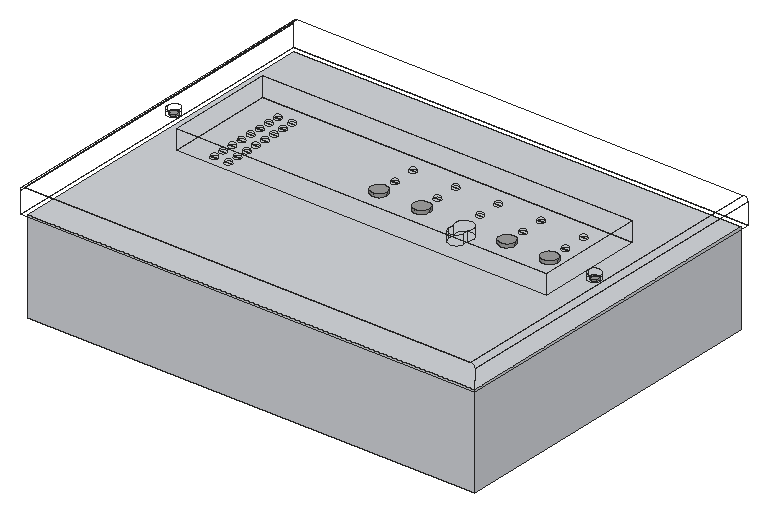
Revit family "Maxlogic  Conventionnelle Panneau d'Alarme Incendie petite caisse", category Fire Alarm Devices, host Face, Revit 2021
Family settings
  Host = Face
  Maintain Annotation Orientation = Yes
  Round Connector Dimension = Use Diameter
  Part Type = Normal
  OmniClass Number = 23.85.30.21
  OmniClass Title = Environmental Detection/Registration
  Cut with Voids When Loaded = No
  Shared = No
  Room Calculation Point = No
Parameters (values of type "Maxlogic Panneau Contrôle d'Incendie Conventionnelle, 8 Zone")
  Poids = "3450 gr"
  Boîtier de montage en surface étanche = ""
  Unité de durée de garantie = "Ans"
  Durée de la garantie réservé = "2"
  Durée de la garantie Travail = "2"
  Version = ""
  URL = "https://www.mavili.com.tr/"
  Socle montage de Surlévé = ""
  Numéro de pose des travaux publics = ""
  protection de Classe = "IP 30"
  Code de Produit = "ML-2228"
  Numèro de Téléphone = "(+)90 216 466 45 05"
  Voltage de fonctionnement (default) = ""
  voltage fonction d'opération = ""
  Tempèrature de Fonctionnement = "(-5°C) - (+40°C)"
  Largeur Nominale = "90 mm"
  Longeur Nominale = "320 mm"
  Hauteur Nominale = "240 mm"
  Surface de Montage = "Montage à Mur"
  Hauteur de Montage = ""
  Model = "Maxlogic"
  Manufacturer = "Mavili Elektronik Ticaret A.Ş."
  Manuel d'installation = "https://mavilielektronik.com/Revit/ML222X_FR.pdf"
  Sortie d'indicateur = ""
  Numèro de Fax = "(+)90 216 466 45 10"
  Alimentation d'externe = "220 V AC"
  E-Poste = "mavili@mavili.com.tr"
  Avertissement = ""
  Charger adresse d'appareil = ""
  Description = "Panneau Contrôle d'Incendie Conventionnelle, 8 Zone"
  Default Elevation = 0 mm
  Current de Consommation = ""
  Coût Unité = ""
  Cost = 0
  Socles Compatible = ""
  Couleur = "Blanc"
  Code de  Performance = "EN 54-2 / EN 54-4"
  Matériel Principe = "Mètale Grise"
  Deuxime Matèriel = "Plastique Blanche ABS"
  Batterie = "2 X (12V DC 2,1 Ah )"
  Adresse ligne 1 = "Şerifali Mahallesi Kutup Sokak No:27/1-2-4 Ümraniye TR-34775 İSTANBUL"
  4 led = yes
  2 led = yes
Types (4, lengths in mm): name | Code de Produit | Description | 4 led | 2 led
  (no name) | "ML-2228" | "Panneau Contrôle d'Incendie Conventionnelle, 8 Zone" | yes | yes
  Maxlogic Panneau Contrôle d'Incendie Conventionnelle, 2 Zone | "ML-2222" | "Panneau Contrôle d'Incendie Conventionnelle, 2 Zone" | no | no
  Maxlogic Panneau Contrôle d'Incendie Conventionnelle, 4 Zone | "ML-2224" | "Panneau Contrôle d'Incendie Conventionnelle, 4 Zone" | no | yes
  Maxlogic Panneau Contrôle d'Incendie Conventionnelle, 8 Zone | "ML-2228" | "Panneau Contrôle d'Incendie Conventionnelle, 8 Zone" | yes | yes
Reference planes
  plane 1 "Center (Front/Back)": y = 0
  plane 2: z = 0
  plane 3 "Center (Left/Right)": x = 0
Forms (mm)
  Extrusion 1, solid
    sketch origin (-157, 122, 0) x (0, 0, 1) y (0, 1, 0)
      loop
        line (65, -234) -> (65, 0) -> (0, 0) -> (0, -234) -> (65, -234)
    from -314 to 0
  Extrusion 2, solid, material "Mavili elektronik 1.renk"
    sketch origin (0, -113, -1508.98) x (0, 0, 1) y (1, 0, 0)
      loop
        line (1573.98, 160) -> (1573.98, -160) -> (1589.247, -160)
        arc (1589.247, -160) -> (1591.318, -159.184) -> (1592.276, -157.175) r 3.037
        arc (1592.276, -157.175) -> (1600.022, 0) -> (1592.276, 157.175) r 1598.503
        arc (1592.276, 157.175) -> (1591.318, 159.184) -> (1589.247, 160) r 3.037
        line (1589.247, 160) -> (1573.98, 160)
    from -2 to 238
  Extrusion 3, void
    sketch origin (160, -113.521, 62.996) x (0, 0, -1) y (0, -1, 0)
      loop
        line (-21.622, -174.473) -> (-21.622, -98.521) -> (-30.016, -98.521) -> (-30.016, -174.473) -> (-21.622, -174.473)
    from 30 to 290
  Extrusion 4, void
    sketch origin (160, 64.059, 84.618) x (1, 0, 0) y (0, -1, 0)
      loop
        line (-290, 79.059) -> (-290, 3.107) -> (-30, 3.107) -> (-30, 79.059) -> (-290, 79.059)
    from 12.691 to -8.393
  Revolve 5, solid, material "Glass"
    sketch origin (120.882, -201.005, 71.927) x (1, 0, 0) y (0, 1, 0)
      loop
        line (-227.382, 249) -> (-232.382, 249)
        arc (-232.382, 249) -> (-229.882, 246.5) -> (-227.382, 249) r 2.5
      axis (-232.382, 249) -> (-227.382, 249)
    angle from 0 to -180
  Revolve 6, solid, material "Glass"
    sketch origin (130.882, -201.005, 71.927) x (1, 0, 0) y (0, 1, 0)
      loop
        line (-227.382, 249) -> (-232.382, 249)
        arc (-232.382, 249) -> (-229.882, 246.5) -> (-227.382, 249) r 2.5
      axis (-232.382, 249) -> (-227.382, 249)
    angle from 0 to -180
  Revolve 7, solid, material "Glass", visible <- "2 led"
    sketch origin (120.882, -217.005, 71.927) x (1, 0, 0) y (0, 1, 0)
      loop
        line (-227.382, 249) -> (-232.382, 249)
        arc (-232.382, 249) -> (-229.882, 246.5) -> (-227.382, 249) r 2.5
      axis (-232.382, 249) -> (-227.382, 249)
    angle from 0 to -180
  Revolve 8, solid, material "Glass", visible <- "2 led"
    sketch origin (130.882, -217.005, 71.927) x (1, 0, 0) y (0, 1, 0)
      loop
        line (-227.382, 249) -> (-232.382, 249)
        arc (-232.382, 249) -> (-229.882, 246.5) -> (-227.382, 249) r 2.5
      axis (-232.382, 249) -> (-227.382, 249)
    angle from 0 to -180
  Revolve 9, solid, material "Glass", visible <- "2 led"
    sketch origin (120.882, -225.005, 71.927) x (1, 0, 0) y (0, 1, 0)
      loop
        line (-227.382, 249) -> (-232.382, 249)
        arc (-232.382, 249) -> (-229.882, 246.5) -> (-227.382, 249) r 2.5
      axis (-232.382, 249) -> (-227.382, 249)
    angle from 0 to -180
  Revolve 10, solid, material "Glass", visible <- "2 led"
    sketch origin (130.882, -225.005, 71.927) x (1, 0, 0) y (0, 1, 0)
      loop
        line (-227.382, 249) -> (-232.382, 249)
        arc (-232.382, 249) -> (-229.882, 246.5) -> (-227.382, 249) r 2.5
      axis (-232.382, 249) -> (-227.382, 249)
    angle from 0 to -180
  Revolve 11, solid, material "Glass", visible <- "4 led"
    sketch origin (120.882, -232.995, 71.927) x (1, 0, 0) y (0, 1, 0)
      loop
        line (-227.382, 249) -> (-232.382, 249)
        arc (-232.382, 249) -> (-229.882, 246.5) -> (-227.382, 249) r 2.5
      axis (-232.382, 249) -> (-227.382, 249)
    angle from 0 to -180
  Revolve 12, solid, material "Glass", visible <- "4 led"
    sketch origin (130.882, -232.995, 71.927) x (1, 0, 0) y (0, 1, 0)
      loop
        line (-227.382, 249) -> (-232.382, 249)
        arc (-232.382, 249) -> (-229.882, 246.5) -> (-227.382, 249) r 2.5
      axis (-232.382, 249) -> (-227.382, 249)
    angle from 0 to -180
  Revolve 13, solid, material "Glass", visible <- "4 led"
    sketch origin (120.882, -240.995, 71.927) x (1, 0, 0) y (0, 1, 0)
      loop
        line (-227.382, 249) -> (-232.382, 249)
        arc (-232.382, 249) -> (-229.882, 246.5) -> (-227.382, 249) r 2.5
      axis (-232.382, 249) -> (-227.382, 249)
    angle from 0 to -180
  Revolve 14, solid, material "Glass", visible <- "4 led"
    sketch origin (130.882, -240.995, 71.927) x (1, 0, 0) y (0, 1, 0)
      loop
        line (-227.382, 249) -> (-232.382, 249)
        arc (-232.382, 249) -> (-229.882, 246.5) -> (-227.382, 249) r 2.5
      axis (-232.382, 249) -> (-227.382, 249)
    angle from 0 to -180
  Revolve 15, solid, material "Glass", visible <- "4 led"
    sketch origin (120.882, -249.005, 71.927) x (1, 0, 0) y (0, 1, 0)
      loop
        line (-227.382, 249) -> (-232.382, 249)
        arc (-232.382, 249) -> (-229.882, 246.5) -> (-227.382, 249) r 2.5
      axis (-232.382, 249) -> (-227.382, 249)
    angle from 0 to -180
  Revolve 16, solid, material "Glass", visible <- "4 led"
    sketch origin (130.882, -249.005, 71.927) x (1, 0, 0) y (0, 1, 0)
      loop
        line (-227.382, 249) -> (-232.382, 249)
        arc (-232.382, 249) -> (-229.882, 246.5) -> (-227.382, 249) r 2.5
      axis (-232.382, 249) -> (-227.382, 249)
    angle from 0 to -180
  Revolve 17, solid, material "Glass", visible <- "4 led"
    sketch origin (120.882, -256.995, 71.927) x (1, 0, 0) y (0, 1, 0)
      loop
        line (-227.382, 249) -> (-232.382, 249)
        arc (-232.382, 249) -> (-229.882, 246.5) -> (-227.382, 249) r 2.5
      axis (-232.382, 249) -> (-227.382, 249)
    angle from 0 to -180
  Revolve 18, solid, material "Glass", visible <- "4 led"
    sketch origin (130.882, -256.995, 71.927) x (1, 0, 0) y (0, 1, 0)
      loop
        line (-227.382, 249) -> (-232.382, 249)
        arc (-232.382, 249) -> (-229.882, 246.5) -> (-227.382, 249) r 2.5
      axis (-232.382, 249) -> (-227.382, 249)
    angle from 0 to -180
  Revolve 19, solid, material "Glass"
    sketch origin (215.882, -201.005, 71.927) x (1, 0, 0) y (0, 1, 0)
      loop
        line (-227.382, 249) -> (-232.382, 249)
        arc (-232.382, 249) -> (-229.882, 246.5) -> (-227.382, 249) r 2.5
      axis (-232.382, 249) -> (-227.382, 249)
    angle from 0 to -180
  Revolve 20, solid, material "Glass"
    sketch origin (215.882, -216.995, 71.927) x (1, 0, 0) y (0, 1, 0)
      loop
        line (-227.382, 249) -> (-232.382, 249)
        arc (-232.382, 249) -> (-229.882, 246.5) -> (-227.382, 249) r 2.5
      axis (-232.382, 249) -> (-227.382, 249)
    angle from 0 to -180
  Revolve 21, solid, material "Glass"
    sketch origin (245.882, -201, 71.927) x (1, 0, 0) y (0, 1, 0)
      loop
        line (-227.382, 249) -> (-232.382, 249)
        arc (-232.382, 249) -> (-229.882, 246.5) -> (-227.382, 249) r 2.5
      axis (-232.382, 249) -> (-227.382, 249)
    angle from 0 to -180
  Revolve 22, solid, material "Glass"
    sketch origin (245.882, -217, 71.927) x (1, 0, 0) y (0, 1, 0)
      loop
        line (-227.382, 249) -> (-232.382, 249)
        arc (-232.382, 249) -> (-229.882, 246.5) -> (-227.382, 249) r 2.5
      axis (-232.382, 249) -> (-227.382, 249)
    angle from 0 to -180
  Revolve 23, solid, material "Glass"
    sketch origin (275.882, -201, 71.927) x (1, 0, 0) y (0, 1, 0)
      loop
        line (-227.382, 249) -> (-232.382, 249)
        arc (-232.382, 249) -> (-229.882, 246.5) -> (-227.382, 249) r 2.5
      axis (-232.382, 249) -> (-227.382, 249)
    angle from 0 to -180
  Revolve 24, solid, material "Glass"
    sketch origin (275.882, -217, 71.927) x (1, 0, 0) y (0, 1, 0)
      loop
        line (-227.382, 249) -> (-232.382, 249)
        arc (-232.382, 249) -> (-229.882, 246.5) -> (-227.382, 249) r 2.5
      axis (-232.382, 249) -> (-227.382, 249)
    angle from 0 to -180
  Revolve 25, solid, material "Glass"
    sketch origin (305.882, -201, 71.927) x (1, 0, 0) y (0, 1, 0)
      loop
        line (-227.382, 249) -> (-232.382, 249)
        arc (-232.382, 249) -> (-229.882, 246.5) -> (-227.382, 249) r 2.5
      axis (-232.382, 249) -> (-227.382, 249)
    angle from 0 to -180
  Revolve 26, solid, material "Glass"
    sketch origin (305.882, -217, 71.927) x (1, 0, 0) y (0, 1, 0)
      loop
        line (-227.382, 249) -> (-232.382, 249)
        arc (-232.382, 249) -> (-229.882, 246.5) -> (-227.382, 249) r 2.5
      axis (-232.382, 249) -> (-227.382, 249)
    angle from 0 to -180
  Revolve 27, solid, material "Glass"
    sketch origin (335.882, -201, 71.927) x (1, 0, 0) y (0, 1, 0)
      loop
        line (-227.382, 249) -> (-232.382, 249)
        arc (-232.382, 249) -> (-229.882, 246.5) -> (-227.382, 249) r 2.5
      axis (-232.382, 249) -> (-227.382, 249)
    angle from 0 to -180
  Revolve 28, solid, material "Glass"
    sketch origin (335.882, -217, 71.927) x (1, 0, 0) y (0, 1, 0)
      loop
        line (-227.382, 249) -> (-232.382, 249)
        arc (-232.382, 249) -> (-229.882, 246.5) -> (-227.382, 249) r 2.5
      axis (-232.382, 249) -> (-227.382, 249)
    angle from 0 to -180
  Extrusion 29, void
    sketch origin (160, 64.059, 84.618) x (1, 0, 0) y (0, -1, 0)
      loop
        circle (-308, 59.059) r 4.5
    from -1.047 to 4.618
  Extrusion 30, void
    sketch origin (456, 64.059, 84.618) x (1, 0, 0) y (0, -1, 0)
      loop
        circle (-308, 59.059) r 4.5
    from -1.047 to 4.618
  Extrusion 31, solid, material "siyah"
    sketch origin (160, 64.059, 80.03) x (0, -1, 0) y (1, 0, 0)
      loop
        line (60.559, -305.402) -> (57.559, -305.402) -> (56.059, -308) -> (57.559, -310.598) -> (60.559, -310.598) -> (62.059, -308) -> (60.559, -305.402)
    from 0 to 1
  Extrusion 32, solid, material "siyah"
    sketch origin (456, 64.059, 80.03) x (0, -1, 0) y (1, 0, 0)
      loop
        line (60.559, -305.402) -> (57.559, -305.402) -> (56.059, -308) -> (57.559, -310.598) -> (60.559, -310.598) -> (62.059, -308) -> (60.559, -305.402)
    from 0 to 1
  Extrusion 33, solid, material "siyah"
    sketch origin (189.382, -159.5, 72) x (1, 0, 0) y (0, 1, 0)
      loop
        circle (-83.382, 177.5) r 5.5
    from 0 to 2
  Extrusion 34, solid, material "siyah"
    sketch origin (159.382, -159.5, 72) x (1, 0, 0) y (0, 1, 0)
      loop
        circle (-83.382, 177.5) r 5.5
    from 0 to 2
  Extrusion 35, solid, material "siyah"
    sketch origin (99.382, -159.5, 72) x (1, 0, 0) y (0, 1, 0)
      loop
        circle (-83.382, 177.5) r 5.5
    from 0 to 2
  Extrusion 36, solid, material "siyah"
    sketch origin (69.382, -159.5, 72) x (1, 0, 0) y (0, 1, 0)
      loop
        circle (-83.382, 177.5) r 5.5
    from 0 to 2
  Extrusion 37, void
    sketch origin (160, 64.059, 84.618) x (1, 0, 0) y (0, -1, 0)
      loop
        line (-110.85, 48.761) -> (-110.85, 53.059)
        arc (-110.85, 53.059) -> (-114, 56.209) -> (-117.15, 53.059) r 3.15
        line (-117.15, 53.059) -> (-117.15, 48.761)
        arc (-117.15, 48.761) -> (-114, 41.909) -> (-110.85, 48.761) r 4.15
    from 0 to 22.618
  Extrusion 38, void
    sketch origin (160, 64.059, 84.618) x (1, 0, 0) y (0, -1, 0)
      loop
        line (-108.85, 49.421) -> (-108.85, 53.059)
        arc (-108.85, 53.059) -> (-114, 58.209) -> (-119.15, 53.059) r 5.15
        line (-119.15, 53.059) -> (-119.15, 49.421)
        arc (-119.15, 49.421) -> (-114, 39.909) -> (-108.85, 49.421) r 6.15
    from 0 to 22.618
  Revolve 39, solid, material "Glass"
    sketch origin (120.882, -209.005, 71.927) x (1, 0, 0) y (0, 1, 0)
      loop
        line (-227.382, 249) -> (-232.382, 249)
        arc (-232.382, 249) -> (-229.882, 246.5) -> (-227.382, 249) r 2.5
      axis (-232.382, 249) -> (-227.382, 249)
    angle from 0 to -180
  Revolve 40, solid, material "Glass"
    sketch origin (130.882, -209.005, 71.927) x (1, 0, 0) y (0, 1, 0)
      loop
        line (-227.382, 249) -> (-232.382, 249)
        arc (-232.382, 249) -> (-229.882, 246.5) -> (-227.382, 249) r 2.5
      axis (-232.382, 249) -> (-227.382, 249)
    angle from 0 to -180
Cuts and joins
  Extrusion 3, Extrusion 4, Extrusion 29, Extrusion 30, Extrusion 37, Extrusion 38 cuts Extrusion 2
Dimensions and locks
  aligned and locked: plane 2 to host face
  aligned and locked: level to host face
